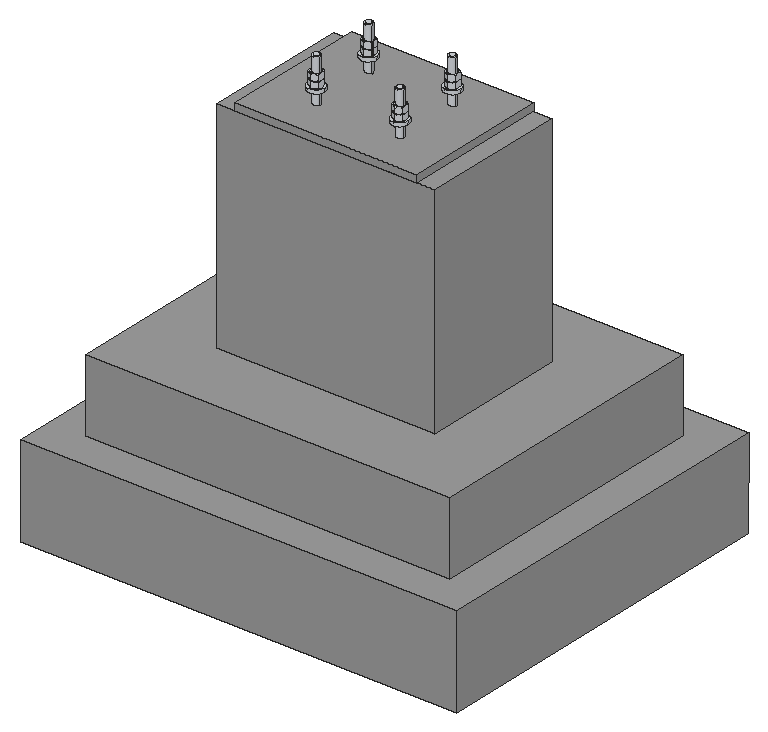
Revit family "ADSK_Фундамент_Монолитный_КолоннаМеталлическая_с_подливкой", category Фундамент несущей конструкции, Revit 2022
Family settings
  Материал для поведения модели = Бетон
  Заглушка = Нет
  На основе рабочей плоскости = Нет
  Всегда вертикально = Да
  При загрузке вырезать с полостями = Нет
  Общий = Нет
Parameters (values of type "Фундамент_2 уступа_Тип 2")
  Ширина = if(1 = 1, Уступ 1_Ширина, Уступ 1_Ширина)  # 1000 mm
  Уступ 3_Ширина = 600 mm
  Уступ 3_Длина = 800 mm
  Уступ 3_Высота = 200 mm
  Уступ 2_Ширина = 800 mm
  Уступ 2_Длина = 1000 mm
  Уступ 2_Высота = 200 mm
  Уступ 1_Ширина = 1000 mm
  Уступ 1_Длина = 1200 mm
  Уступ 1_Высота = 250 mm
  Толщина фундамента = 0 mm  # constant formula
  Толщина подливки [instance] = 20 mm
  Толщина опорной плиты [instance] = 50 mm
  ТВ2 = "Болт фундаментный_Тип 5_ГОСТ 24379.1-2012"  # constant formula
  ТВ1 = "Болт фундаментный_Тип 1_ГОСТ 24379.1-2012"  # constant formula
  Смещение_Уступ 3 = if(or(Расч_Плита_Количество уступов = 1, Расч_Плита_Количество уступов = 2), 0 mm, Уступ 3_Высота)  # 0 mm
  Смещение_Уступ 2 = if(Расч_Плита_Количество уступов = 1, 0 mm, Уступ 2_Высота)  # 200 mm
  Расч_Уступ 3_Ширина = if(or(Расч_Плита_Количество уступов = 1, Расч_Плита_Количество уступов = 2), Расч_Уступ 2_Ширина, Уступ 3_Ширина)  # 800 mm
  Расч_Уступ 3_Длина = if(or(Расч_Плита_Количество уступов = 1, Расч_Плита_Количество уступов = 2), Расч_Уступ 2_Длина, Уступ 3_Длина)  # 1000 mm
  Расч_Уступ 3_Высота = if(or(Расч_Плита_Количество уступов = 1, Расч_Плита_Количество уступов = 2), Расч_Уступ 2_Высота, Уступ 3_Высота)  # 200 mm
  Расч_Уступ 2_Ширина = if(Расч_Плита_Количество уступов = 1, Уступ 1_Ширина, Уступ 2_Ширина)  # 800 mm
  Расч_Уступ 2_Длина = if(Расч_Плита_Количество уступов = 1, Уступ 1_Длина, Уступ 2_Длина)  # 1000 mm
  Расч_Уступ 2_Высота = if(Расч_Плита_Количество уступов = 1, Уступ 1_Высота, Уступ 2_Высота)  # 200 mm
  Расч_Плита_Количество уступов = if(Плита_Количество уступов < 1, 1, if(Плита_Количество уступов > 3, 3, Плита_Количество уступов))  # 2
  Подливка_ширина = 500 mm
  Подливка_Длина = 500 mm
  Подливка = yes
  Подколонник_Ширина = 400 mm
  Подколонник_Длина = 600 mm
  Подколонник_Высота = 600 mm
  Плита_Количество уступов = 2
  Материал подливки = none
  Structural Material = none
  Type Comments = ""
  Длина = if(1 = 1, Уступ 1_Длина, Уступ 1_Длина)  # 1200 mm
  Видимость 1_Болты_Тип 5 [instance] = and(not(Болты_Видимость), Болты_Тип.Исполнение = 5)  # no
  Видимость 1_Болты_Тип 1 [instance] = and(not(Болты_Видимость), or(Болты_Тип.Исполнение = 1.1, Болты_Тип.Исполнение = 1.2))  # yes
  Видимость 2_Болты_Тип 5 [instance] = and(Болты_Видимость, Болты_Тип.Исполнение = 5)  # no
  Видимость 2_Болты_Тип 1 [instance] = and(Болты_Видимость, or(Болты_Тип.Исполнение = 1.1, Болты_Тип.Исполнение = 1.2))  # no
  Болты_Тип.Исполнение [instance] = 1.2
  Болты_Длина [instance] = 600 mm
  Болты_Диаметр [instance] = 20.0 mm
  Болты_Расстояние между по ширине [instance] = 180 mm
  Болты_Расстояние между по длине [instance] = 230 mm
  Болты_Видимость [instance] = Болты_Расстояние между по длине = 0 mm  # no
  ADSK_Размер_Ширина [instance] = 180 mm
  ADSK_Размер_Длина [instance] = 230 mm
  ADSK_Размер_Высота [instance] = 1070 mm
  ADSK_Основной материал элемента = "Бетон"  # constant formula
  ADSK_Наименование = "Фундамент с 2-мя уступами"
  ADSK_Масса элемента = 0.00 kg
  ADSK_Марка метиза [instance] = if(Болты_Тип.Исполнение = 5, size_lookup(ТВ2, "", "Болт не найден", Болты_Диаметр, Болты_Длина), size_lookup(ТВ1, "", "Болт не найден", Болты_Тип.Исполнение, Болты_Диаметр, Болты_Длина))  # "Болт 1.2 М20x600"
  ADSK_Количество позиций [instance] = 4
  ADSK_Длина резьбы метиза [instance] = if(Болты_Тип.Исполнение = 5, size_lookup(ТВ2, "lo", 0 mm, Болты_Диаметр, Болты_Длина), size_lookup(ТВ1, "lo", 0 mm, Болты_Тип.Исполнение, Болты_Диаметр, Болты_Длина))  # 100 mm
  ADSK_Выступ метиза [instance] = 120 mm
  ADSK_Версия семейства = "1.1"  # constant formula
  ADSK_Версия Revit = "2021"  # constant formula
Reference planes
  plane 1 "По центру (Вперед/Назад)": y = 0
  plane 2: z = 0
  plane 3 "По центру (Влево/Вправо)": x = 0
  plane 4: x = -300
  plane 5: x = 300
  plane 6: y = 200
  plane 7: y = -200
  plane 8: z = 250
  plane 9: z = 450
  plane 10 "верх подколонника": z = 1050
  plane 11: x = -500
  plane 12: x = 500
  plane 13: y = 400
  plane 14: y = -400
  plane 15: x = 500
  plane 16: y = 400
  plane 17: x = -500
  plane 18: y = -400
  plane 19: x = -115
  plane 20: x = 115
  plane 21: y = 90
  plane 22: y = -90
  plane 23: x = -600
  plane 24: x = 600
  plane 25: y = 500
  plane 26: y = -500
  plane 27: z = 450
  plane 28: z = 1070
  plane 29: z = 1120
  plane 30: y = 200
  plane 31: y = -200
  plane 32: x = -250
  plane 33: x = 250
Forms (mm)
  Extrusion 1, solid, material <- "Structural Material"
    sketch origin (873.275, -1524, 250) x (0, -1, 0) y (-1, 0, 0)
      loop
        line (-2024, 273.275) -> (-1024, 273.275) -> (-1024, 1473.275) -> (-2024, 1473.275) -> (-2024, 273.275)
    from 0 to 250 <- "Уступ 1_Высота"
  Extrusion 2, solid, material <- "Structural Material"
    sketch origin (632.13, -1524, 450) x (0, -1, 0) y (-1, 0, 0)
      loop
        line (-1924, 132.13) -> (-1124, 132.13) -> (-1124, 1132.13) -> (-1924, 1132.13) -> (-1924, 132.13)
    from 0 to 200 <- "Расч_Уступ 2_Высота"
  Extrusion 3, solid, material <- "Structural Material"
    sketch origin (632.13, -1524, 450) x (0, -1, 0) y (-1, 0, 0)
      loop
        line (-1924, 1132.13) -> (-1924, 132.13) -> (-1124, 132.13) -> (-1124, 1132.13) -> (-1924, 1132.13)
    from 0 to 200 <- "Расч_Уступ 3_Высота"
  Extrusion 4, solid, material <- "Structural Material"
    sketch origin (457.763, -1524, 1050) x (0, -1, 0) y (-1, 0, 0)
      loop
        line (-1724, 757.763) -> (-1724, 157.763) -> (-1324, 157.763) -> (-1324, 757.763) -> (-1724, 757.763)
    from 0 to 600 <- "Подколонник_Высота"
  Extrusion 5, solid, material <- "Материал подливки", visible <- "Подливка"
    sketch origin (457.763, -1524, 1050) x (0, -1, 0) y (-1, 0, 0)
      loop
        line (-1724, 707.763) -> (-1724, 207.763) -> (-1324, 207.763) -> (-1324, 707.763) -> (-1724, 707.763)
    from 0 to -20
Cuts and joins
  joined: Extrusion 1, Extrusion 2, Extrusion 3, Extrusion 4
Dimensions and locks
  "Подколонник_Высота": plane 10 "верх подколонника" to plane 27
  "Болты_Расстояние между по длине": plane 19 to plane 20
  "Болты_Расстояние между по ширине": plane 21 to plane 22
  "Уступ 1_Высота": plane 8 to plane 2
  "Смещение_Уступ 2": plane 9 to plane 8
  "Смещение_Уступ 3": plane 27 to plane 9
  equal spacing: plane 26, plane 1 "По центру (Вперед/Назад)", plane 25
  equal spacing: plane 18, plane 1 "По центру (Вперед/Назад)", plane 16
  equal spacing: plane 13, plane 1 "По центру (Вперед/Назад)", plane 14
  equal spacing: plane 6, plane 1 "По центру (Вперед/Назад)", plane 7
  equal spacing: plane 21, plane 1 "По центру (Вперед/Назад)", plane 22
  equal spacing: plane 19, plane 3 "По центру (Влево/Вправо)", plane 20
  equal spacing: plane 4, plane 3 "По центру (Влево/Вправо)", plane 5
  equal spacing: plane 11, plane 3 "По центру (Влево/Вправо)", plane 12
  equal spacing: plane 17, plane 3 "По центру (Влево/Вправо)", plane 15
  equal spacing: plane 23, plane 3 "По центру (Влево/Вправо)", plane 24
  "Подколонник_Ширина": plane 6 to plane 7
  "Расч_Уступ 3_Ширина": plane 13 to plane 14
  "Расч_Уступ 2_Ширина": plane 18 to plane 16
  "Уступ 1_Ширина": plane 26 to plane 25
  "Подколонник_Длина": plane 4 to plane 5
  "Расч_Уступ 3_Длина": plane 11 to plane 12
  "Расч_Уступ 2_Длина": plane 17 to plane 15
  "Уступ 1_Длина": plane 23 to plane 24
  "Толщина подливки": plane 28 to plane 10 "верх подколонника"
  "Толщина опорной плиты": plane 29 to plane 28
  "ADSK_Размер_Высота": plane 28 to plane 2
  "ADSK_Размер_Ширина": plane 21 to plane 22
  "ADSK_Размер_Длина": plane 19 to plane 20
  equal spacing: plane 31, plane 1 "По центру (Вперед/Назад)", plane 30
  equal spacing: plane 32, plane 3 "По центру (Влево/Вправо)", plane 33
  "Подливка_Длина": plane 32 to plane 33
  "Подколонник_Ширина": plane 30 to plane 31
  aligned and locked: level to plane 2
  aligned and locked: Extrusion 1 sketch curve to plane 25
  aligned and locked: Extrusion 1 sketch curve to plane 24
  aligned and locked: Extrusion 1 sketch curve to plane 26
  aligned and locked: Extrusion 1 sketch curve to plane 23
  aligned and locked: plane 16 to Extrusion 2 sketch curve
  aligned and locked: plane 15 to Extrusion 2 sketch curve
  aligned and locked: plane 18 to Extrusion 2 sketch curve
  aligned and locked: plane 17 to Extrusion 2 sketch curve
  aligned and locked: plane 13 to Extrusion 3 sketch curve
  aligned and locked: plane 12 to Extrusion 3 sketch curve
  aligned and locked: plane 14 to Extrusion 3 sketch curve
  aligned and locked: plane 11 to Extrusion 3 sketch curve
  aligned and locked: plane 6 to Extrusion 4 sketch curve
  aligned and locked: plane 5 to Extrusion 4 sketch curve
  aligned and locked: plane 7 to Extrusion 4 sketch curve
  aligned and locked: plane 4 to Extrusion 4 sketch curve
  aligned and locked: nested 2 to plane 21
  aligned and locked: plane 21 to nested 1
  aligned and locked: plane 22 to nested 4
  aligned and locked: nested 3 to plane 22
  aligned and locked: plane 19 to nested 3
  aligned and locked: plane 20 to nested 4
  aligned and locked: plane 20 to nested 1
  aligned and locked: plane 19 to nested 2
  aligned and locked: nested 5 to plane 21
  aligned and locked: plane 21 to nested 8
  aligned and locked: plane 22 to nested 7
  aligned and locked: nested 6 to plane 22
  aligned and locked: plane 19 to nested 6
  aligned and locked: plane 19 to nested 5
  aligned and locked: plane 20 to nested 8
  aligned and locked: plane 20 to nested 7
  aligned and locked: nested 12 to plane 3 "По центру (Влево/Вправо)"
  aligned and locked: nested 9 to plane 3 "По центру (Влево/Вправо)"
  aligned and locked: plane 3 "По центру (Влево/Вправо)" to nested 11
  aligned and locked: plane 3 "По центру (Влево/Вправо)" to nested 10
  aligned and locked: plane 22 to nested 11
  aligned and locked: plane 22 to nested 10
  aligned and locked: nested 12 to plane 21
  aligned and locked: nested 9 to plane 21
  aligned and locked: plane 30 to Extrusion 5 sketch curve
  aligned and locked: Extrusion 5 sketch curve to plane 32
  aligned and locked: plane 31 to Extrusion 5 sketch curve
  aligned and locked: Extrusion 5 sketch curve to plane 33
  aligned and locked: plane 10 "верх подколонника" to Extrusion 5
  aligned and locked: Extrusion 5 to plane 28
Nested families
  nested 1: "ADSK_БолтФундаментный_Тип 5_ГОСТ 24379.1-2012" at (115, 90, 1070), d <- "Болты_Диаметр", L <- "Болты_Длина", visible <- "Видимость 1_Болты_Тип 5", ADSK_Выступ метиза <- "ADSK_Выступ метиза", type "ADSK_БолтФундаментный_Тип 5_ГОСТ 24379.1-2012"
    with Расч_d 20.0 mm, Расч_L 600 mm, lo 100 mm, d 20.0 mm, L 600 mm, ADSK_Наименование краткое "М20x600", ADSK_Наименование "Болт 5 М20x600", ADSK_Материал none, ADSK_Масса элемента 1.68 kg, ADSK_Выступ метиза 120 mm
  nested 2: "ADSK_БолтФундаментный_Тип 5_ГОСТ 24379.1-2012" at (-115, 90, 1070) x (-1, 0, 0) z (0, 0, 1), d <- "Болты_Диаметр", L <- "Болты_Длина", visible <- "Видимость 1_Болты_Тип 5", ADSK_Выступ метиза <- "ADSK_Выступ метиза", type "ADSK_БолтФундаментный_Тип 5_ГОСТ 24379.1-2012"
    with Расч_d 20.0 mm, Расч_L 600 mm, lo 100 mm, d 20.0 mm, L 600 mm, ADSK_Наименование краткое "М20x600", ADSK_Наименование "Болт 5 М20x600", ADSK_Материал none, ADSK_Масса элемента 1.68 kg, ADSK_Выступ метиза 120 mm
  nested 3: "ADSK_БолтФундаментный_Тип 5_ГОСТ 24379.1-2012" at (-115, -90, 1070) x (-1, 0, 0) z (0, 0, 1), d <- "Болты_Диаметр", L <- "Болты_Длина", visible <- "Видимость 1_Болты_Тип 5", ADSK_Выступ метиза <- "ADSK_Выступ метиза", type "ADSK_БолтФундаментный_Тип 5_ГОСТ 24379.1-2012"
    with Расч_d 20.0 mm, Расч_L 600 mm, lo 100 mm, d 20.0 mm, L 600 mm, ADSK_Наименование краткое "М20x600", ADSK_Наименование "Болт 5 М20x600", ADSK_Материал none, ADSK_Масса элемента 1.68 kg, ADSK_Выступ метиза 120 mm
  nested 4: "ADSK_БолтФундаментный_Тип 5_ГОСТ 24379.1-2012" at (115, -90, 1070), d <- "Болты_Диаметр", L <- "Болты_Длина", visible <- "Видимость 1_Болты_Тип 5", ADSK_Выступ метиза <- "ADSK_Выступ метиза", type "ADSK_БолтФундаментный_Тип 5_ГОСТ 24379.1-2012"
    with Расч_d 20.0 mm, Расч_L 600 mm, lo 100 mm, d 20.0 mm, L 600 mm, ADSK_Наименование краткое "М20x600", ADSK_Наименование "Болт 5 М20x600", ADSK_Материал none, ADSK_Масса элемента 1.68 kg, ADSK_Выступ метиза 120 mm
  nested 5: "ADSK_БолтФундаментный_Тип 1_ГОСТ 24379.1-2012" at (-115, 90, 1070) x (-1, 0, 0) z (0, 0, 1), d <- "Болты_Диаметр", L <- "Болты_Длина", Тип.Исполнение <- "Болты_Тип.Исполнение", visible <- "Видимость 1_Болты_Тип 1", ADSK_Выступ метиза <- "ADSK_Выступ метиза", type "ADSK_БолтФундаментный_Тип 1_ГОСТ 24379.1-2012"
    with Тип.Исполнение 1.2, Расч_r 20 mm, Расч_d 20.0 mm, Расч_R 30 mm, Расч_L 600 mm, Видимость_Исполнение 2 yes, Видимость_Исполнение 1 no, r 10 mm, lo 100 mm, l3 40 mm, l2 80 mm, l1 160 mm, l 60 mm, d 20.0 mm, R 20 mm, L 600 mm, ADSK_Наименование краткое "М20x600", ADSK_Наименование "Болт 1.2 М20x600", ADSK_Материал none, ADSK_Масса элемента 1.81 kg, ADSK_Выступ метиза 120 mm
  nested 6: "ADSK_БолтФундаментный_Тип 1_ГОСТ 24379.1-2012" at (-115, -90, 1070) x (-1, 0, 0) z (0, 0, 1), d <- "Болты_Диаметр", L <- "Болты_Длина", Тип.Исполнение <- "Болты_Тип.Исполнение", visible <- "Видимость 1_Болты_Тип 1", ADSK_Выступ метиза <- "ADSK_Выступ метиза", type "ADSK_БолтФундаментный_Тип 1_ГОСТ 24379.1-2012"
    with Тип.Исполнение 1.2, Расч_r 20 mm, Расч_d 20.0 mm, Расч_R 30 mm, Расч_L 600 mm, Видимость_Исполнение 2 yes, Видимость_Исполнение 1 no, r 10 mm, lo 100 mm, l3 40 mm, l2 80 mm, l1 160 mm, l 60 mm, d 20.0 mm, R 20 mm, L 600 mm, ADSK_Наименование краткое "М20x600", ADSK_Наименование "Болт 1.2 М20x600", ADSK_Материал none, ADSK_Масса элемента 1.81 kg, ADSK_Выступ метиза 120 mm
  nested 7: "ADSK_БолтФундаментный_Тип 1_ГОСТ 24379.1-2012" at (115, -90, 1070), d <- "Болты_Диаметр", L <- "Болты_Длина", Тип.Исполнение <- "Болты_Тип.Исполнение", visible <- "Видимость 1_Болты_Тип 1", ADSK_Выступ метиза <- "ADSK_Выступ метиза", type "ADSK_БолтФундаментный_Тип 1_ГОСТ 24379.1-2012"
    with Тип.Исполнение 1.2, Расч_r 20 mm, Расч_d 20.0 mm, Расч_R 30 mm, Расч_L 600 mm, Видимость_Исполнение 2 yes, Видимость_Исполнение 1 no, r 10 mm, lo 100 mm, l3 40 mm, l2 80 mm, l1 160 mm, l 60 mm, d 20.0 mm, R 20 mm, L 600 mm, ADSK_Наименование краткое "М20x600", ADSK_Наименование "Болт 1.2 М20x600", ADSK_Материал none, ADSK_Масса элемента 1.81 kg, ADSK_Выступ метиза 120 mm
  nested 8: "ADSK_БолтФундаментный_Тип 1_ГОСТ 24379.1-2012" at (115, 90, 1070), d <- "Болты_Диаметр", L <- "Болты_Длина", Тип.Исполнение <- "Болты_Тип.Исполнение", visible <- "Видимость 1_Болты_Тип 1", ADSK_Выступ метиза <- "ADSK_Выступ метиза", type "ADSK_БолтФундаментный_Тип 1_ГОСТ 24379.1-2012"
    with Тип.Исполнение 1.2, Расч_r 20 mm, Расч_d 20.0 mm, Расч_R 30 mm, Расч_L 600 mm, Видимость_Исполнение 2 yes, Видимость_Исполнение 1 no, r 10 mm, lo 100 mm, l3 40 mm, l2 80 mm, l1 160 mm, l 60 mm, d 20.0 mm, R 20 mm, L 600 mm, ADSK_Наименование краткое "М20x600", ADSK_Наименование "Болт 1.2 М20x600", ADSK_Материал none, ADSK_Масса элемента 1.81 kg, ADSK_Выступ метиза 120 mm
  nested 9: "ADSK_БолтФундаментный_Тип 5_ГОСТ 24379.1-2012" at (0, 90, 1070) x (0, 1, 0) z (0, 0, 1), d <- "Болты_Диаметр", L <- "Болты_Длина", visible <- "Видимость 2_Болты_Тип 5", ADSK_Выступ метиза <- "ADSK_Выступ метиза", type "ADSK_БолтФундаментный_Тип 5_ГОСТ 24379.1-2012"
    with Расч_d 20.0 mm, Расч_L 600 mm, lo 100 mm, d 20.0 mm, L 600 mm, ADSK_Наименование краткое "М20x600", ADSK_Наименование "Болт 5 М20x600", ADSK_Материал none, ADSK_Масса элемента 1.68 kg, ADSK_Выступ метиза 120 mm
  nested 10: "ADSK_БолтФундаментный_Тип 5_ГОСТ 24379.1-2012" at (0, -90, 1070) x (0, -1, 0) z (0, 0, 1), d <- "Болты_Диаметр", L <- "Болты_Длина", visible <- "Видимость 2_Болты_Тип 5", ADSK_Выступ метиза <- "ADSK_Выступ метиза", type "ADSK_БолтФундаментный_Тип 5_ГОСТ 24379.1-2012"
    with Расч_d 20.0 mm, Расч_L 600 mm, lo 100 mm, d 20.0 mm, L 600 mm, ADSK_Наименование краткое "М20x600", ADSK_Наименование "Болт 5 М20x600", ADSK_Материал none, ADSK_Масса элемента 1.68 kg, ADSK_Выступ метиза 120 mm
  nested 11: "ADSK_БолтФундаментный_Тип 1_ГОСТ 24379.1-2012" at (0, -90, 1070) x (0, -1, 0) z (0, 0, 1), d <- "Болты_Диаметр", L <- "Болты_Длина", Тип.Исполнение <- "Болты_Тип.Исполнение", visible <- "Видимость 2_Болты_Тип 1", ADSK_Выступ метиза <- "ADSK_Выступ метиза", type "ADSK_БолтФундаментный_Тип 1_ГОСТ 24379.1-2012"
    with Тип.Исполнение 1.2, Расч_r 20 mm, Расч_d 20.0 mm, Расч_R 30 mm, Расч_L 600 mm, Видимость_Исполнение 2 yes, Видимость_Исполнение 1 no, r 10 mm, lo 100 mm, l3 40 mm, l2 80 mm, l1 160 mm, l 60 mm, d 20.0 mm, R 20 mm, L 600 mm, ADSK_Наименование краткое "М20x600", ADSK_Наименование "Болт 1.2 М20x600", ADSK_Материал none, ADSK_Масса элемента 1.81 kg, ADSK_Выступ метиза 120 mm
  nested 12: "ADSK_БолтФундаментный_Тип 1_ГОСТ 24379.1-2012" at (0, 90, 1070) x (0, 1, 0) z (0, 0, 1), d <- "Болты_Диаметр", L <- "Болты_Длина", Тип.Исполнение <- "Болты_Тип.Исполнение", visible <- "Видимость 2_Болты_Тип 1", ADSK_Выступ метиза <- "ADSK_Выступ метиза", type "ADSK_БолтФундаментный_Тип 1_ГОСТ 24379.1-2012"
    with Тип.Исполнение 1.2, Расч_r 20 mm, Расч_d 20.0 mm, Расч_R 30 mm, Расч_L 600 mm, Видимость_Исполнение 2 yes, Видимость_Исполнение 1 no, r 10 mm, lo 100 mm, l3 40 mm, l2 80 mm, l1 160 mm, l 60 mm, d 20.0 mm, R 20 mm, L 600 mm, ADSK_Наименование краткое "М20x600", ADSK_Наименование "Болт 1.2 М20x600", ADSK_Материал none, ADSK_Масса элемента 1.81 kg, ADSK_Выступ метиза 120 mm
Definition of nested family "ADSK_БолтФундаментный_Тип 5_ГОСТ 24379.1-2012"
  Parameters (values of type "ADSK_БолтФундаментный_Тип 5_ГОСТ 24379.1-2012")
    ТВ = "Болт фундаментный_Тип 5_ГОСТ 24379.1-2012"  # constant formula
    Расч_d [instance] = if(ADSK_Масса элемента = 0.00 kg, 12.0 mm, d)  # 12.0 mm
    Расч_L [instance] = if(ADSK_Масса элемента = 0.00 kg, 150 mm, L)  # 300 mm
    Default Elevation = 1219.2 mm
    Type Comments = ""
    ADSK_Масса элемента [instance] = size_lookup(ТВ, "ADSK_Масса элемента", 0.00 kg, d, L)  # 0.32 kg
    lo [instance] = size_lookup(ТВ, "lo", 80 mm, d, L)  # 80 mm
    L [instance] = 300 mm
    Model = ""
    d [instance] = 12.0 mm
    ADSK_Обозначение = "ГОСТ 24379.1-2012"  # constant formula
    ADSK_Наименование краткое [instance] = size_lookup(ТВ, "ADSK_Наименование краткое", "Болт не найден", d, L)  # "М12x300"
    ADSK_Наименование [instance] = size_lookup(ТВ, "", "Болт не найден", d, L)  # "Болт 5 М12x300"
    ADSK_Материал [instance] = none
    ADSK_Выступ метиза [instance] = 100 mm
    ADSK_Версия семейства = "1.0"  # constant formula
    ADSK_Версия Revit = "2021"  # constant formula
  Reference planes
    plane 1 "По центру (Вперед/Назад)": y = 0
    plane 2: z = 0
    plane 3 "По центру (Влево/Вправо)": x = 0
    plane 4: z = -200
    plane 5: z = 100
    plane 6: x = -6
    plane 7: x = 6
    plane 8: y = 6
    plane 9: y = -6
    plane 10: z = 20
    plane 11: z = 35
  Forms (mm)
    Sweep 1, solid, material <- "ADSK_Материал"
      path origin (0, 0, 0) x (-1, 0, 0) y (0, 0, 1)
        loop
          line (0, -200) -> (0, 100)
      profile origin (0, 0, -50) x (1, 0, 0) y (0, 1, 0)
        loop
          circle (0, 0) r 6
    Revolve 2, void
      sketch origin (0, 0, 0) x (-1, 0, 0) y (0, 0, 1)
        loop
          line (6, 100) -> (4.5, 100) -> (6, 98.5) -> (6, 100)
        axis (0, 98.5) -> (0, 100)
      angle from 0 to 360
  Cuts and joins
    Revolve 2 cuts Sweep 1
  Lines and regions (mm)
    symbolic lines
      curve 1: line (-4.5, 0, 100) -> (-4.5, 0, 20)
      curve 4: line (4.5, 0, 100) -> (4.5, 0, 20)
      curve 5: line (6, 0, 20) -> (-6, 0, 20)
      curve 8: line (0, 4.5, 100) -> (0, 4.5, 20)
      curve 9: line (0, -4.5, 100) -> (0, -4.5, 20)
      curve 10: line (0, 6, 20) -> (0, -6, 20)
    reference lines
      curve 2: line (-4.5, 0, 100) -> (-4.5, 0, 0)
      curve 3: line (4.5, 0, 0) -> (4.5, 0, 100)
      curve 6: line (0, 4.5, 100) -> (0, 4.5, 0)
      curve 7: line (0, -4.5, 100) -> (0, -4.5, 0)
  Dimensions and locks
    equal spacing: plane 8, plane 1 "По центру (Вперед/Назад)", plane 9
    equal spacing: plane 6, plane 3 "По центру (Влево/Вправо)", plane 7
    "d": plane 8 to plane 9
    "d": plane 6 to plane 7
    "Расч_L": plane 5 to plane 4
    locked: curve 2 to plane 6 at 1.5
    locked: plane 7 to curve 3 at 1.5
    locked: plane 8 to curve 6 at 1.5
    locked: curve 7 to plane 9 at 1.5
    "lo": plane 5 to plane 10
    "ADSK_Выступ метиза": plane 5 to plane 2
    locked: plane 11 to plane 10 at 15
    "Расч_d": diameter of Sweep 1 sketch curve
    aligned and locked: level to plane 2
    aligned and locked: plane 5 to Sweep 1 sketch curve
    aligned and locked: profile plane to Sweep 1 sketch curve  (x2)
    aligned and locked: Revolve 2 sketch curve to plane 3 "По центру (Влево/Вправо)"
    aligned and locked: plane 5 to Revolve 2 sketch curve
    aligned and locked: plane 6 to Revolve 2 sketch curve
    aligned and locked: plane 5 to curve 1
    aligned and locked: plane 5 to curve 2
    aligned and locked: plane 5 to curve 3
    aligned and locked: plane 2 to curve 2
    aligned and locked: plane 2 to curve 3
    aligned and locked: curve 1 to curve 2
    aligned and locked: Revolve 2 sketch curve to curve 2
    aligned and locked: plane 5 to curve 4
    aligned and locked: curve 4 to curve 3
    aligned and locked: plane 7 to curve 5
    aligned and locked: plane 6 to curve 5
    aligned and locked: plane 5 to curve 6
    aligned and locked: plane 5 to curve 7
    aligned and locked: plane 2 to curve 7
    aligned and locked: plane 2 to curve 6
    aligned and locked: plane 5 to curve 8
    aligned and locked: plane 5 to curve 9
    aligned and locked: curve 9 to curve 7
    aligned and locked: curve 8 to curve 6
    aligned and locked: plane 9 to curve 10
    aligned and locked: plane 8 to curve 10
    aligned and locked: plane 10 to curve 5
    aligned and locked: curve 10 to plane 10
    aligned and locked: plane 3 "По центру (Влево/Вправо)" to nested 1
    aligned and locked: plane 1 "По центру (Вперед/Назад)" to nested 1
    aligned and locked: plane 1 "По центру (Вперед/Назад)" to nested 2
    aligned and locked: plane 3 "По центру (Влево/Вправо)" to nested 2
    aligned and locked: nested 3 to plane 3 "По центру (Влево/Вправо)"
    aligned and locked: nested 3 to plane 1 "По центру (Вперед/Назад)"
    aligned and locked: plane 4 to Sweep 1 sketch curve
  Automatic sketch dimensions
    Revolve 2 sketch curve to plane 5 = 1.5 mm
    plane 5 to Revolve 2 sketch curve = 217.532 mm
    plane 3 "По центру (Влево/Вправо)" to Sweep 1 sketch curve = 0 mm
    Revolve 2 sketch curve to plane 4 = 87.468 mm
  Nested families
    nested 1: "ADSK_Шайба_ГОСТ 24379.1-2012" at (0, 0, 35), ADSK_Материал <- "ADSK_Материал", d <- "Расч_d", type "ADSK_Шайба_ГОСТ 24379.1-2012"
      with Расч_d 12.0 mm, ADSK_Масса элемента 0.021 kg, s 3 mm, do 13.0 mm, d 12.0 mm, D 36.0 mm, ADSK_Наименование краткое "М12", ADSK_Наименование "Шайба М12", ADSK_Материал none
    nested 2: "ADSK_Гайка_ГОСТ 5915-70" at (0, 0, 38), d <- "Расч_d", ADSK_Материал <- "ADSK_Материал", type "Гайка_Исполнение1_Крупный шаг резьбы"
      with Расч_hw 0.6 mm, Расч_d 12.0 mm, ADSK_Масса элемента 0.01567 kg, Исполнение3_Видимость no, Исполнение2_Видимость no, Исполнение1_Видимость yes, x 10.392 mm, r 15 mm, m 10.8 mm, hw 0.6 mm, e 20.785 mm, dw 16.5 mm, da 13.0 mm, d 12.0 mm, S 18.0 mm, ADSK_Наименование краткое "М12", ADSK_Наименование "Гайка М12 (S18)", ADSK_Материал none
    nested 3: "ADSK_Гайка_ГОСТ 5915-70" at (0, 0, 48.8) x (-1, 0, 0) z (0, 0, 1), ADSK_Материал <- "ADSK_Материал", d <- "Расч_d", type "Гайка_Исполнение1_Крупный шаг резьбы"
      with Расч_hw 0.6 mm, Расч_d 12.0 mm, ADSK_Масса элемента 0.01567 kg, Исполнение3_Видимость no, Исполнение2_Видимость no, Исполнение1_Видимость yes, x 10.392 mm, r 15 mm, m 10.8 mm, hw 0.6 mm, e 20.785 mm, dw 16.5 mm, da 13.0 mm, d 12.0 mm, S 18.0 mm, ADSK_Наименование краткое "М12", ADSK_Наименование "Гайка М12 (S18)", ADSK_Материал none
  Definition of nested family "ADSK_Шайба_ГОСТ 24379.1-2012"
    Parameters (values of type "ADSK_Шайба_ГОСТ 24379.1-2012")
      ТВ = "Шайба_ГОСТ 24379.1-2012"  # constant formula
      Расч_d [instance] = if(ADSK_Масса элемента = 0.00 kg, 12.0 mm, d)  # 12.0 mm
      Default Elevation = 1219.2 mm
      ADSK_Масса элемента [instance] = size_lookup(ТВ, "ADSK_Масса элемента", 0.00 kg, d)  # 0.021 kg
      s [instance] = size_lookup(ТВ, "s", 3 mm, d)  # 3 mm
      Model = ""
      D [instance] = size_lookup(ТВ, "D", 36.0 mm, d)  # 36.0 mm
      do [instance] = size_lookup(ТВ, "do", 13.0 mm, d)  # 13.0 mm
      d [instance] = 12.0 mm
      ADSK_Обозначение = "ГОСТ 24379.1-2012"  # constant formula
      ADSK_Наименование краткое [instance] = size_lookup(ТВ, "ADSK_Наименование краткое", "Шайба не найдена", d)  # "М12"
      ADSK_Наименование [instance] = size_lookup(ТВ, "", "Шайба не найдена", d)  # "Шайба М12"
      ADSK_Материал [instance] = none
      ADSK_Версия семейства = "1.0"  # constant formula
      ADSK_Версия Revit = "2021"  # constant formula
    Reference planes
      plane 1 "По центру (Вперед/Назад)": y = 0
      plane 2: z = 0
      plane 3 "По центру (Влево/Вправо)": x = 0
      plane 4: z = 3
      plane 5: x = -18
      plane 6: x = 18
      plane 7: y = 18
      plane 8: y = -18
      plane 9: x = -6.5
      plane 10: x = 6.5
      plane 11: y = 6.5
      plane 12: y = -6.5
    Forms (mm)
      Sweep 1, solid, material <- "ADSK_Материал", detail levels fine
        path origin (0, 0, 0) x (-1, 0, 0) y (0, 0, 1)
          loop
            line (0, 0) -> (0, 3)
        profile origin (0, 0, 1.5) x (1, 0, 0) y (0, 1, 0)
          loop
            circle (0, 0) r 18
          loop
            circle (0, 0) r 6.5
    Dimensions and locks
      "s": plane 4 to plane 2
      equal spacing: plane 7, plane 1 "По центру (Вперед/Назад)", plane 8
      equal spacing: plane 5, plane 3 "По центру (Влево/Вправо)", plane 6
      "D": plane 7 to plane 8
      "D": plane 5 to plane 6
      equal spacing: plane 11, plane 1 "По центру (Вперед/Назад)", plane 12
      equal spacing: plane 9, plane 3 "По центру (Влево/Вправо)", plane 10
      "do": plane 11 to plane 12
      "do": plane 9 to plane 10
      "D": diameter of Sweep 1 sketch curve
      "do": diameter of Sweep 1 sketch curve
      aligned and locked: level to plane 2
      aligned and locked: Sweep 1 sketch curve to plane 3 "По центру (Влево/Вправо)"
      aligned and locked: plane 4 to Sweep 1 sketch curve
      aligned and locked: profile plane to Sweep 1 sketch curve  (x4)
      aligned and locked: plane 2 to Sweep 1 sketch curve
  Definition of nested family "ADSK_Гайка_ГОСТ 5915-70"
    Parameters (values of type "Гайка_Исполнение 1_Крупный шаг резьбы")
      Шаг резьбы = 1
      ТВ = "Гайка_ГОСТ 5915-70"  # constant formula
      Расч_hw [instance] = if(Исполнение = 2, 0 mm, hw)  # 0.6 mm
      Расч_d [instance] = if(ADSK_Масса элемента = 0.00 kg, 5.0 mm, d)  # 12.0 mm
      Default Elevation = 1219.2 mm
      Исполнение3_Видимость [instance] = Исполнение = 3  # no
      Исполнение2_Видимость [instance] = or(Исполнение = 2, Исполнение = 3)  # no
      Исполнение1_Видимость [instance] = Исполнение = 1  # yes
      Исполнение = 1
      ADSK_Масса элемента [instance] = size_lookup(ТВ, "ADSK_Масса элемента", 0.00 kg, d, Исполнение, Шаг резьбы)  # 0.01567 kg
      x [instance] = e / 2  # 10.392 mm
      r [instance] = if(ADSK_Масса элемента = 0.00 kg, sqrt(S ^ 2 / 4 + 5 mm ^ 2), sqrt(S ^ 2 / 4 + d ^ 2))  # 15 mm
      m [instance] = size_lookup(ТВ, "m", 4.7 mm, d, Исполнение, Шаг резьбы)  # 10.8 mm
      Model = ""
      hw [instance] = size_lookup(ТВ, "hw", 0.8 mm, d, Исполнение, Шаг резьбы)  # 0.6 mm
      e [instance] = S / cos(30.00°)  # 20.785 mm
      dw [instance] = size_lookup(ТВ, "dw", 7.2 mm, d, Исполнение, Шаг резьбы)  # 16.5 mm
      da [instance] = size_lookup(ТВ, "da", 5.7 mm, d, Исполнение, Шаг резьбы)  # 13.0 mm
      S [instance] = size_lookup(ТВ, "S", 8.0 mm, d, Исполнение, Шаг резьбы)  # 18.0 mm
      d [instance] = 12.0 mm
      ADSK_Обозначение = "ГОСТ 5915-70"  # constant formula
      ADSK_Наименование краткое [instance] = size_lookup(ТВ, "ADSK_Наименование краткое", "Гайка не найдена", d, Исполнение, Шаг резьбы)  # "М12"
      ADSK_Наименование [instance] = size_lookup(ТВ, "", "Гайка не найдена", d, Исполнение, Шаг резьбы)  # "Гайка М12 (S18)"
      ADSK_Материал [instance] = none
      ADSK_Версия семейства = "1.0"  # constant formula
      ADSK_Версия Revit = "2021"  # constant formula
    Types (6, lengths in mm): name | Шаг резьбы | Расч_hw | Исполнение3_Видимость | Исполнение2_Видимость | Исполнение1_Видимость | Исполнение | ADSK_Наименование краткое | ADSK_Наименование
      Гайка_Исполнение 1_Крупный шаг резьбы | 1 | 0.6 | no | no | yes | 1 | "М12" | "Гайка М12 (S18)"
      Гайка_Исполнение 1_Мелкий шаг резьбы | 2 | 0.6 | no | no | yes | 1 | "М12x1.25" | "Гайка М12x1.25 (S18)"
      Гайка_Исполнение 2_Крупный шаг резьбы | 1 | 0 | no | yes | no | 2 | "2М12" | "Гайка 2М12 (S18)"
      Гайка_Исполнение 3_Крупный шаг резьбы | 1 | 0.6 | yes | yes | no | 3 | "3М12" | "Гайка 3М12 (S18)"
      Гайка_Исполнение 2_Мелкий шаг резьбы | 2 | 0 | no | yes | no | 2 | "2М12x1.25" | "Гайка 2М12x1.25 (S18)"
      Гайка_Исполнение 3_Мелкий шаг резьбы | 2 | 0.6 | yes | yes | no | 3 | "3М12x1.25" | "Гайка 3М12x1.25 (S18)"
    Reference planes
      plane 1 "По центру (Вперед/Назад)": y = 0
      plane 2: z = 0
      plane 3 "По центру (Влево/Вправо)": x = 0
      plane 4: z = 10.8
      plane 5: x = -9
      plane 6: x = 9
      plane 7: y = 10.392
      plane 8: y = -10.392
      plane 9: x = -6
      plane 10: x = 6
      plane 11: y = 6
      plane 12: y = -6
      plane 13: y = 5.196
      plane 14: y = -5.196
      plane 15: z = -1.2
      plane 16: z = 12
      plane 17: y = 11.892
      plane 18: z = 0.8
      plane 19: z = 0.6
    Forms (mm)
      Sweep 1, solid, material <- "ADSK_Материал", visible <- "Исполнение1_Видимость", detail levels fine
        path origin (0, 0, 0) x (-1, 0, 0) y (0, 0, 1)
          loop
            line (0, 0) -> (0, 10.8)
        profile origin (0, 0, 5.4) x (1, 0, 0) y (0, 1, 0)
          loop
            circle (0, 0) r 6
          loop
            line (0, 10.392) -> (-9, 5.196) -> (-9, -5.196) -> (0, -10.392) -> (9, -5.196) -> (9, 5.196) -> (0, 10.392)
      Revolve 2, void
        sketch origin (0, 0, 0) x (0, 1, 0) y (0, 0, -1)
          loop
            line (11.892, -11.287) -> (11.892, -7.942)
            arc (11.892, -7.942) -> (10.239, -9.762) -> (8.311, -11.287) r 15
            line (8.311, -11.287) -> (11.892, -11.287)
          axis (0, -7.942) -> (0, -11.287)
        angle from 0 to 360
      Revolve 3, void
        sketch origin (0, 0, 5.865) x (0, 1, 0) y (0, 0, 1)
          loop
            line (8.604, -6.152) -> (11.892, -6.152) -> (11.892, -3.007)
            arc (11.892, -3.007) -> (10.368, -4.705) -> (8.604, -6.152) r 15
          axis (0, -3.007) -> (0, -6.152)
        angle from 0 to 360
      Sweep 4, solid, material <- "ADSK_Материал", visible <- "Исполнение2_Видимость", detail levels fine
        path origin (0, 0, 0) x (-1, 0, 0) y (0, 0, 1)
          loop
            line (0, 0.6) -> (0, 10.8)
        profile origin (0, 0, 5.7) x (1, 0, 0) y (0, 1, 0)
          loop
            circle (0, 0) r 6
          loop
            line (0, 10.392) -> (-9, 5.196) -> (-9, -5.196) -> (0, -10.392) -> (9, -5.196) -> (9, 5.196) -> (0, 10.392)
      Sweep 5, solid, material <- "ADSK_Материал", visible <- "Исполнение3_Видимость", detail levels fine
        path origin (0, 0, 0) x (-1, 0, 0) y (0, 0, 1)
          loop
            line (0, 0) -> (0, 0.8)
        profile origin (0, 0, 0.4) x (1, 0, 0) y (0, 1, 0)
          loop
            circle (0, 0) r 6
          loop
            circle (0, 0) r 8.25
    Cuts and joins
      Revolve 2, Revolve 3 cuts Sweep 1
      Revolve 2 cuts Sweep 4
    Dimensions and locks
      "m": plane 4 to plane 2
      equal spacing: plane 7, plane 1 "По центру (Вперед/Назад)", plane 8
      equal spacing: plane 5, plane 3 "По центру (Влево/Вправо)", plane 6
      "e": plane 7 to plane 8
      "S": plane 5 to plane 6
      equal spacing: plane 11, plane 1 "По центру (Вперед/Назад)", plane 12
      equal spacing: plane 9, plane 3 "По центру (Влево/Вправо)", plane 10
      "Расч_d": plane 11 to plane 12
      "d": plane 9 to plane 10
      equal spacing: plane 13, plane 1 "По центру (Вперед/Назад)", plane 14
      "x": plane 13 to plane 14
      "Расч_d": plane 4 to plane 15
      "Расч_d": plane 16 to plane 2
      locked: plane 17 to plane 7 at 1.5
      locked: plane 18 to plane 2 at 0.8
      "Расч_hw": plane 19 to plane 2
      "Расч_d": diameter of Sweep 1 sketch curve
      "r": radius of Revolve 2 sketch curve
      "r": radius of Revolve 3 sketch curve
      "Расч_d": diameter of Sweep 4 sketch curve
      "Расч_d": diameter of Sweep 5 sketch curve
      "dw": diameter of Sweep 5 sketch curve
      aligned and locked: level to plane 2
      aligned and locked: Sweep 1 sketch curve to plane 3 "По центру (Влево/Вправо)"
      aligned and locked: plane 4 to Sweep 1 sketch curve
      aligned and locked: plane 2 to Sweep 1 sketch curve
      aligned and locked: profile plane to Sweep 1 sketch curve  (x2)
      aligned and locked: plane 7 to Sweep 1 sketch curve
      aligned and locked: plane 8 to Sweep 1 sketch curve
      aligned and locked: Sweep 1 sketch curve to plane 5
      aligned and locked: plane 6 to Sweep 1 sketch curve
      aligned and locked: plane 13 to Sweep 1 sketch curve  (x2)
      aligned and locked: plane 14 to Sweep 1 sketch curve  (x2)
      aligned and locked: Revolve 2 sketch curve to plane 1 "По центру (Вперед/Назад)"
      aligned and locked: plane 1 "По центру (Вперед/Назад)" to Revolve 2 sketch curve
      aligned and locked: plane 15 to Revolve 2 sketch curve
      aligned and locked: Revolve 3 sketch curve to plane 16
      aligned and locked: plane 1 "По центру (Вперед/Назад)" to Revolve 3 sketch curve
      aligned and locked: profile plane to Sweep 4 sketch curve  (x2)
      aligned and locked: Sweep 4 sketch curve to plane 5
      aligned and locked: plane 6 to Sweep 4 sketch curve
      aligned and locked: plane 7 to Sweep 4 sketch curve
      aligned and locked: plane 8 to Sweep 4 sketch curve
      aligned and locked: plane 13 to Sweep 4 sketch curve  (x2)
      aligned and locked: plane 14 to Sweep 4 sketch curve  (x2)
      aligned and locked: profile plane to Sweep 5 sketch curve  (x4)
      aligned and locked: plane 3 "По центру (Влево/Вправо)" to Sweep 5 sketch curve
      aligned and locked: plane 17 to Revolve 2 sketch curve
      aligned and locked: plane 17 to Revolve 3 sketch curve
      aligned and locked: plane 18 to Sweep 5 sketch curve
      aligned and locked: plane 19 to Sweep 4 sketch curve
      aligned and locked: plane 2 to Sweep 5 sketch curve
    Automatic sketch dimensions
      plane 3 "По центру (Влево/Вправо)" to Sweep 4 sketch curve = 0 mm
      Sweep 4 sketch curve to plane 4 = 0 mm
      Sweep 1 sketch curve to profile plane = 0 mm  (x2)
      plane 4 to Revolve 2 sketch curve = 0.487 mm
      Revolve 2 sketch curve to Revolve 2 sketch curve = 513.705 mm
      Revolve 2 sketch curve to plane 15 = 2739.49 mm
      Revolve 3 sketch curve to plane 1 "По центру (Вперед/Назад)" = 0 mm
      plane 16 to Revolve 3 sketch curve = 2740.274 mm
      Sweep 4 sketch curve to profile plane = 0 mm  (x2)
      level to Revolve 3 sketch curve = 0.287 mm
      Revolve 3 sketch curve to Revolve 3 sketch curve = 512.921 mm
Definition of nested family "ADSK_БолтФундаментный_Тип 1_ГОСТ 24379.1-2012"
  Parameters (values of type "ADSK_БолтФундаментный_Тип 1_ГОСТ 24379.1-2012")
    ТВ = "Болт фундаментный_Тип 1_ГОСТ 24379.1-2012"  # constant formula
    Расч_r [instance] = r + d / 2  # 14 mm
    Расч_R [instance] = R + d / 2  # 18 mm
    Расч_d [instance] = if(ADSK_Масса элемента = 0.00 kg, 12.0 mm, d)  # 12.0 mm
    Расч_L [instance] = if(ADSK_Масса элемента = 0.00 kg, 300 mm, L)  # 300 mm
    Default Elevation = 1219.2 mm
    Type Comments = ""
    Тип.Исполнение [instance] = 1.1
    ADSK_Масса элемента [instance] = size_lookup(ТВ, "ADSK_Масса элемента", 0.00 kg, Тип.Исполнение, d, L)  # 0.35 kg
    Видимость_Исполнение 2 [instance] = Тип.Исполнение = 1.2  # no
    Видимость_Исполнение 1 [instance] = not(Видимость_Исполнение 2)  # yes
    r [instance] = size_lookup(ТВ, "r", 8 mm, Тип.Исполнение, d, L)  # 8 mm
    l3 [instance] = size_lookup(ТВ, "l3", 25 mm, Тип.Исполнение, d, L)  # 25 mm
    l2 [instance] = size_lookup(ТВ, "l2", 50 mm, Тип.Исполнение, d, L)  # 50 mm
    l1 [instance] = size_lookup(ТВ, "l1", 100 mm, Тип.Исполнение, d, L)  # 100 mm
    l [instance] = size_lookup(ТВ, "l", 40 mm, Тип.Исполнение, d, L)  # 40 mm
    lo [instance] = size_lookup(ТВ, "lo", 80 mm, Тип.Исполнение, d, L)  # 80 mm
    L [instance] = 300 mm
    Model = ""
    d [instance] = 12.0 mm
    R [instance] = size_lookup(ТВ, "R", 12 mm, Тип.Исполнение, d, L)  # 12 mm
    ADSK_Обозначение = "ГОСТ 24379.1-2012"  # constant formula
    ADSK_Наименование краткое [instance] = size_lookup(ТВ, "ADSK_Наименование краткое", "Болт не найден", Тип.Исполнение, d, L)  # "М12x300"
    ADSK_Наименование [instance] = size_lookup(ТВ, "", "Болт не найден", Тип.Исполнение, d, L)  # "Болт 1.1 М12x300"
    ADSK_Материал [instance] = none
    ADSK_Выступ метиза [instance] = 150 mm
    ADSK_Версия семейства = "1.0"  # constant formula
    ADSK_Версия Revit = "2021"  # constant formula
  Reference planes
    plane 1 "По центру (Вперед/Назад)": y = 0
    plane 2: z = 0
    plane 3 "По центру (Влево/Вправо)": x = 0
    plane 4: z = -150
    plane 5: z = 150
    plane 6: x = -6
    plane 7: x = 6
    plane 8: y = 6
    plane 9: y = -6
    plane 10: z = 70
    plane 11: z = -144
    plane 12: z = -156
    plane 13: x = 46
    plane 14: z = -138
    plane 15: z = -50
    plane 16: x = -25
    plane 17: x = 25
    plane 18: x = -19
    plane 19: x = -13
    plane 20: z = 85
  Forms (mm)
    Sweep 1, solid, material <- "ADSK_Материал", visible <- "Видимость_Исполнение 1"
      path origin (0, 0, 0) x (-1, 0, 0) y (0, 0, 1)
        loop
          line (-46, -144) -> (-18, -144)
          arc (-18, -144) -> (-5.272, -138.728) -> (0, -126) r 18
          line (0, -126) -> (0, 150)
      profile origin (0, 0, 12) x (1, 0, 0) y (0, 1, 0)
        loop
          circle (0, 0) r 6
    Revolve 2, void
      sketch origin (0, 0, 0) x (-1, 0, 0) y (0, 0, 1)
        loop
          line (6, 150) -> (4.5, 150) -> (6, 148.5) -> (6, 150)
        axis (0, 148.5) -> (0, 150)
      angle from 0 to 360
    Sweep 3, solid, material <- "ADSK_Материал", visible <- "Видимость_Исполнение 2"
      path origin (0, 0, 0) x (-1, 0, 0) y (0, 0, 1)
        loop
          line (-25, -144) -> (0, -144)
          arc (0, -144) -> (10.731, -138.992) -> (13.784, -127.55) r 14
          line (13.784, -127.55) -> (0, -50) -> (0, 150)
      profile origin (0, 0, 50) x (1, 0, 0) y (0, 1, 0)
        loop
          circle (0, 0) r 6
  Cuts and joins
    Revolve 2 cuts Sweep 1
    Revolve 2 cuts Sweep 3
  Lines and regions (mm)
    symbolic lines
      curve 1: line (-4.5, 0, 150) -> (-4.5, 0, 70)
      curve 4: line (4.5, 0, 150) -> (4.5, 0, 70)
      curve 5: line (6, 0, 70) -> (-6, 0, 70)
      curve 8: line (0, 4.5, 150) -> (0, 4.5, 70)
      curve 9: line (0, -4.5, 150) -> (0, -4.5, 70)
      curve 10: line (0, 6, 70) -> (0, -6, 70)
    reference lines
      curve 2: line (-4.5, 0, 150) -> (-4.5, 0, 0)
      curve 3: line (4.5, 0, 0) -> (4.5, 0, 150)
      curve 6: line (0, 4.5, 150) -> (0, 4.5, 0)
      curve 7: line (0, -4.5, 150) -> (0, -4.5, 0)
  Dimensions and locks
    equal spacing: plane 8, plane 1 "По центру (Вперед/Назад)", plane 9
    equal spacing: plane 6, plane 3 "По центру (Влево/Вправо)", plane 7
    "d": plane 8 to plane 9
    "d": plane 6 to plane 7
    "Расч_L": plane 5 to plane 4
    curve 2 to plane 6 = 1.5 mm
    plane 7 to curve 3 = 1.5 mm
    plane 8 to curve 6 = 1.5 mm
    curve 7 to plane 9 = 1.5 mm
    "lo": plane 5 to plane 10
    equal spacing: plane 11, plane 4, plane 12
    "d": plane 11 to plane 12
    "l": plane 13 to plane 7
    "d": plane 14 to plane 4
    "l1": plane 15 to plane 4
    "l3": plane 16 to plane 3 "По центру (Влево/Вправо)"
    "l2": plane 17 to plane 16
    equal spacing: plane 19, plane 18, plane 16
    "d": plane 19 to plane 16
    "ADSK_Выступ метиза": plane 5 to plane 2
    locked: plane 20 to plane 10 at 15
    "Расч_d": diameter of Sweep 1 sketch curve
    "Расч_R": radius of Sweep 1 sketch curve
    "Расч_d": diameter of Sweep 3 sketch curve
    "Расч_r": radius of Sweep 3 sketch curve
    aligned and locked: level to plane 2
    aligned and locked: plane 5 to Sweep 1 sketch curve
    aligned and locked: profile plane to Sweep 1 sketch curve  (x2)
    aligned and locked: Revolve 2 sketch curve to plane 3 "По центру (Влево/Вправо)"
    aligned and locked: plane 5 to Revolve 2 sketch curve
    aligned and locked: plane 6 to Revolve 2 sketch curve
    aligned and locked: plane 5 to curve 1
    aligned and locked: plane 5 to curve 2
    aligned and locked: plane 5 to curve 3
    aligned and locked: plane 2 to curve 2
    aligned and locked: plane 2 to curve 3
    aligned and locked: curve 1 to curve 2
    aligned and locked: Revolve 2 sketch curve to curve 2
    aligned and locked: plane 5 to curve 4
    aligned and locked: curve 4 to curve 3
    aligned and locked: plane 7 to curve 5
    aligned and locked: plane 6 to curve 5
    aligned and locked: plane 5 to curve 6
    aligned and locked: plane 5 to curve 7
    aligned and locked: plane 2 to curve 7
    aligned and locked: plane 2 to curve 6
    aligned and locked: plane 5 to curve 8
    aligned and locked: plane 5 to curve 9
    aligned and locked: curve 9 to curve 7
    aligned and locked: curve 8 to curve 6
    aligned and locked: plane 9 to curve 10
    aligned and locked: plane 8 to curve 10
    aligned and locked: plane 10 to curve 5
    aligned and locked: curve 10 to plane 10
    aligned and locked: plane 3 "По центру (Влево/Вправо)" to nested 1
    aligned and locked: plane 1 "По центру (Вперед/Назад)" to nested 1
    aligned and locked: plane 1 "По центру (Вперед/Назад)" to nested 2
    aligned and locked: plane 3 "По центру (Влево/Вправо)" to nested 2
    aligned and locked: plane 13 to Sweep 1 sketch curve
    aligned and locked: Sweep 1 sketch curve to plane 11
    aligned and locked: nested 3 to plane 3 "По центру (Влево/Вправо)"
    aligned and locked: nested 3 to plane 1 "По центру (Вперед/Назад)"
    aligned and locked: profile plane to Sweep 3 sketch curve  (x2)
    aligned and locked: plane 5 to Sweep 3 sketch curve
    aligned and locked: Sweep 3 sketch curve to plane 3 "По центру (Влево/Вправо)"
    aligned and locked: plane 17 to Sweep 3 sketch curve
    aligned and locked: Sweep 3 sketch curve to plane 11
    aligned and locked: plane 15 to Sweep 3 sketch curve
    aligned and locked: plane 3 "По центру (Влево/Вправо)" to Sweep 3 sketch curve
  Automatic sketch dimensions
    plane 3 "По центру (Влево/Вправо)" to Sweep 1 sketch curve = 0 mm
    Revolve 2 sketch curve to plane 5 = 1.5 mm
    Revolve 2 sketch curve to plane 12 = 81.468 mm
    plane 5 to Revolve 2 sketch curve = 217.532 mm
  Nested families
    nested 1: "ADSK_Шайба_ГОСТ 24379.1-2012" at (0, 0, 85), ADSK_Материал <- "ADSK_Материал", d <- "Расч_d", type "ADSK_Шайба_ГОСТ 24379.1-2012"
      with Расч_d 12.0 mm, ADSK_Масса элемента 0.021 kg, s 3 mm, do 13.0 mm, d 12.0 mm, D 36.0 mm, ADSK_Наименование краткое "М12", ADSK_Наименование "Шайба М12", ADSK_Материал none
    nested 2: "ADSK_Гайка_ГОСТ 5915-70" at (0, 0, 88), d <- "Расч_d", ADSK_Материал <- "ADSK_Материал", type "Гайка_Исполнение 1_Крупный шаг резьбы"
      with Расч_hw 0.6 mm, Расч_d 12.0 mm, ADSK_Масса элемента 0.01567 kg, Исполнение3_Видимость no, Исполнение2_Видимость no, Исполнение1_Видимость yes, x 10.392 mm, r 15 mm, m 10.8 mm, hw 0.6 mm, e 20.785 mm, dw 16.5 mm, da 13.0 mm, d 12.0 mm, S 18.0 mm, ADSK_Наименование краткое "М12", ADSK_Наименование "Гайка М12 (S18)", ADSK_Материал none
    nested 3: "ADSK_Гайка_ГОСТ 5915-70" at (0, 0, 98.8) x (-1, 0, 0) z (0, 0, 1), ADSK_Материал <- "ADSK_Материал", d <- "Расч_d", type "Гайка_Исполнение 1_Крупный шаг резьбы"
      with Расч_hw 0.6 mm, Расч_d 12.0 mm, ADSK_Масса элемента 0.01567 kg, Исполнение3_Видимость no, Исполнение2_Видимость no, Исполнение1_Видимость yes, x 10.392 mm, r 15 mm, m 10.8 mm, hw 0.6 mm, e 20.785 mm, dw 16.5 mm, da 13.0 mm, d 12.0 mm, S 18.0 mm, ADSK_Наименование краткое "М12", ADSK_Наименование "Гайка М12 (S18)", ADSK_Материал none
  Definition of nested family "ADSK_Шайба_ГОСТ 24379.1-2012"
    Parameters (values of type "ADSK_Шайба_ГОСТ 24379.1-2012")
      ТВ = "Шайба_ГОСТ 24379.1-2012"  # constant formula
      Расч_d [instance] = if(ADSK_Масса элемента = 0.00 kg, 12.0 mm, d)  # 12.0 mm
      Default Elevation = 1219.2 mm
      ADSK_Масса элемента [instance] = size_lookup(ТВ, "ADSK_Масса элемента", 0.00 kg, d)  # 0.021 kg
      s [instance] = size_lookup(ТВ, "s", 3 mm, d)  # 3 mm
      Model = ""
      D [instance] = size_lookup(ТВ, "D", 36.0 mm, d)  # 36.0 mm
      do [instance] = size_lookup(ТВ, "do", 13.0 mm, d)  # 13.0 mm
      d [instance] = 12.0 mm
      ADSK_Обозначение = "ГОСТ 24379.1-2012"  # constant formula
      ADSK_Наименование краткое [instance] = size_lookup(ТВ, "ADSK_Наименование краткое", "Шайба не найдена", d)  # "М12"
      ADSK_Наименование [instance] = size_lookup(ТВ, "", "Шайба не найдена", d)  # "Шайба М12"
      ADSK_Материал [instance] = none
      ADSK_Версия семейства = "1.0"  # constant formula
      ADSK_Версия Revit = "2021"  # constant formula
    Reference planes
      plane 1 "По центру (Вперед/Назад)": y = 0
      plane 2: z = 0
      plane 3 "По центру (Влево/Вправо)": x = 0
      plane 4: z = 3
      plane 5: x = -18
      plane 6: x = 18
      plane 7: y = 18
      plane 8: y = -18
      plane 9: x = -6.5
      plane 10: x = 6.5
      plane 11: y = 6.5
      plane 12: y = -6.5
    Forms (mm)
      Sweep 1, solid, material <- "ADSK_Материал", detail levels fine
        path origin (0, 0, 0) x (-1, 0, 0) y (0, 0, 1)
          loop
            line (0, 0) -> (0, 3)
        profile origin (0, 0, 1.5) x (1, 0, 0) y (0, 1, 0)
          loop
            circle (0, 0) r 18
          loop
            circle (0, 0) r 6.5
    Dimensions and locks
      "s": plane 4 to plane 2
      equal spacing: plane 7, plane 1 "По центру (Вперед/Назад)", plane 8
      equal spacing: plane 5, plane 3 "По центру (Влево/Вправо)", plane 6
      "D": plane 7 to plane 8
      "D": plane 5 to plane 6
      equal spacing: plane 11, plane 1 "По центру (Вперед/Назад)", plane 12
      equal spacing: plane 9, plane 3 "По центру (Влево/Вправо)", plane 10
      "do": plane 11 to plane 12
      "do": plane 9 to plane 10
      "D": diameter of Sweep 1 sketch curve
      "do": diameter of Sweep 1 sketch curve
      aligned and locked: level to plane 2
      aligned and locked: Sweep 1 sketch curve to plane 3 "По центру (Влево/Вправо)"
      aligned and locked: plane 4 to Sweep 1 sketch curve
      aligned and locked: profile plane to Sweep 1 sketch curve  (x4)
      aligned and locked: plane 2 to Sweep 1 sketch curve
  Definition of nested family "ADSK_Гайка_ГОСТ 5915-70"
    Parameters (values of type "Гайка_Исполнение 1_Крупный шаг резьбы")
      Шаг резьбы = 1
      ТВ = "Гайка_ГОСТ 5915-70"  # constant formula
      Расч_hw [instance] = if(Исполнение = 2, 0 mm, hw)  # 0.6 mm
      Расч_d [instance] = if(ADSK_Масса элемента = 0.00 kg, 5.0 mm, d)  # 12.0 mm
      Default Elevation = 1219.2 mm
      Исполнение3_Видимость [instance] = Исполнение = 3  # no
      Исполнение2_Видимость [instance] = or(Исполнение = 2, Исполнение = 3)  # no
      Исполнение1_Видимость [instance] = Исполнение = 1  # yes
      Исполнение = 1
      ADSK_Масса элемента [instance] = size_lookup(ТВ, "ADSK_Масса элемента", 0.00 kg, d, Исполнение, Шаг резьбы)  # 0.01567 kg
      x [instance] = e / 2  # 10.392 mm
      r [instance] = if(ADSK_Масса элемента = 0.00 kg, sqrt(S ^ 2 / 4 + 5 mm ^ 2), sqrt(S ^ 2 / 4 + d ^ 2))  # 15 mm
      m [instance] = size_lookup(ТВ, "m", 4.7 mm, d, Исполнение, Шаг резьбы)  # 10.8 mm
      Model = ""
      hw [instance] = size_lookup(ТВ, "hw", 0.8 mm, d, Исполнение, Шаг резьбы)  # 0.6 mm
      e [instance] = S / cos(30.00°)  # 20.785 mm
      dw [instance] = size_lookup(ТВ, "dw", 7.2 mm, d, Исполнение, Шаг резьбы)  # 16.5 mm
      da [instance] = size_lookup(ТВ, "da", 5.7 mm, d, Исполнение, Шаг резьбы)  # 13.0 mm
      S [instance] = size_lookup(ТВ, "S", 8.0 mm, d, Исполнение, Шаг резьбы)  # 18.0 mm
      d [instance] = 12.0 mm
      ADSK_Обозначение = "ГОСТ 5915-70"  # constant formula
      ADSK_Наименование краткое [instance] = size_lookup(ТВ, "ADSK_Наименование краткое", "Гайка не найдена", d, Исполнение, Шаг резьбы)  # "М12"
      ADSK_Наименование [instance] = size_lookup(ТВ, "", "Гайка не найдена", d, Исполнение, Шаг резьбы)  # "Гайка М12 (S18)"
      ADSK_Материал [instance] = none
      ADSK_Версия семейства = "1.0"  # constant formula
      ADSK_Версия Revit = "2021"  # constant formula
    Types (6, lengths in mm): name | Шаг резьбы | Расч_hw | Исполнение3_Видимость | Исполнение2_Видимость | Исполнение1_Видимость | Исполнение | ADSK_Наименование краткое | ADSK_Наименование
      Гайка_Исполнение 1_Крупный шаг резьбы | 1 | 0.6 | no | no | yes | 1 | "М12" | "Гайка М12 (S18)"
      Гайка_Исполнение 1_Мелкий шаг резьбы | 2 | 0.6 | no | no | yes | 1 | "М12x1.25" | "Гайка М12x1.25 (S18)"
      Гайка_Исполнение 2_Крупный шаг резьбы | 1 | 0 | no | yes | no | 2 | "2М12" | "Гайка 2М12 (S18)"
      Гайка_Исполнение 3_Крупный шаг резьбы | 1 | 0.6 | yes | yes | no | 3 | "3М12" | "Гайка 3М12 (S18)"
      Гайка_Исполнение 2_Мелкий шаг резьбы | 2 | 0 | no | yes | no | 2 | "2М12x1.25" | "Гайка 2М12x1.25 (S18)"
      Гайка_Исполнение 3_Мелкий шаг резьбы | 2 | 0.6 | yes | yes | no | 3 | "3М12x1.25" | "Гайка 3М12x1.25 (S18)"
    Reference planes
      plane 1 "По центру (Вперед/Назад)": y = 0
      plane 2: z = 0
      plane 3 "По центру (Влево/Вправо)": x = 0
      plane 4: z = 10.8
      plane 5: x = -9
      plane 6: x = 9
      plane 7: y = 10.392
      plane 8: y = -10.392
      plane 9: x = -6
      plane 10: x = 6
      plane 11: y = 6
      plane 12: y = -6
      plane 13: y = 5.196
      plane 14: y = -5.196
      plane 15: z = -1.2
      plane 16: z = 12
      plane 17: y = 11.892
      plane 18: z = 0.8
      plane 19: z = 0.6
    Forms (mm)
      Sweep 1, solid, material <- "ADSK_Материал", visible <- "Исполнение1_Видимость", detail levels fine
        path origin (0, 0, 0) x (-1, 0, 0) y (0, 0, 1)
          loop
            line (0, 0) -> (0, 10.8)
        profile origin (0, 0, 5.4) x (1, 0, 0) y (0, 1, 0)
          loop
            circle (0, 0) r 6
          loop
            line (0, 10.392) -> (-9, 5.196) -> (-9, -5.196) -> (0, -10.392) -> (9, -5.196) -> (9, 5.196) -> (0, 10.392)
      Revolve 2, void
        sketch origin (0, 0, 0) x (0, 1, 0) y (0, 0, -1)
          loop
            line (11.892, -11.287) -> (11.892, -7.942)
            arc (11.892, -7.942) -> (10.239, -9.762) -> (8.311, -11.287) r 15
            line (8.311, -11.287) -> (11.892, -11.287)
          axis (0, -7.942) -> (0, -11.287)
        angle from 0 to 360
      Revolve 3, void
        sketch origin (0, 0, 5.865) x (0, 1, 0) y (0, 0, 1)
          loop
            line (8.604, -6.152) -> (11.892, -6.152) -> (11.892, -3.007)
            arc (11.892, -3.007) -> (10.368, -4.705) -> (8.604, -6.152) r 15
          axis (0, -3.007) -> (0, -6.152)
        angle from 0 to 360
      Sweep 4, solid, material <- "ADSK_Материал", visible <- "Исполнение2_Видимость", detail levels fine
        path origin (0, 0, 0) x (-1, 0, 0) y (0, 0, 1)
          loop
            line (0, 0.6) -> (0, 10.8)
        profile origin (0, 0, 5.7) x (1, 0, 0) y (0, 1, 0)
          loop
            circle (0, 0) r 6
          loop
            line (0, 10.392) -> (-9, 5.196) -> (-9, -5.196) -> (0, -10.392) -> (9, -5.196) -> (9, 5.196) -> (0, 10.392)
      Sweep 5, solid, material <- "ADSK_Материал", visible <- "Исполнение3_Видимость", detail levels fine
        path origin (0, 0, 0) x (-1, 0, 0) y (0, 0, 1)
          loop
            line (0, 0) -> (0, 0.8)
        profile origin (0, 0, 0.4) x (1, 0, 0) y (0, 1, 0)
          loop
            circle (0, 0) r 6
          loop
            circle (0, 0) r 8.25
    Cuts and joins
      Revolve 2, Revolve 3 cuts Sweep 1
      Revolve 2 cuts Sweep 4
    Dimensions and locks
      "m": plane 4 to plane 2
      equal spacing: plane 7, plane 1 "По центру (Вперед/Назад)", plane 8
      equal spacing: plane 5, plane 3 "По центру (Влево/Вправо)", plane 6
      "e": plane 7 to plane 8
      "S": plane 5 to plane 6
      equal spacing: plane 11, plane 1 "По центру (Вперед/Назад)", plane 12
      equal spacing: plane 9, plane 3 "По центру (Влево/Вправо)", plane 10
      "Расч_d": plane 11 to plane 12
      "d": plane 9 to plane 10
      equal spacing: plane 13, plane 1 "По центру (Вперед/Назад)", plane 14
      "x": plane 13 to plane 14
      "Расч_d": plane 4 to plane 15
      "Расч_d": plane 16 to plane 2
      locked: plane 17 to plane 7 at 1.5
      locked: plane 18 to plane 2 at 0.8
      "Расч_hw": plane 19 to plane 2
      "Расч_d": diameter of Sweep 1 sketch curve
      "r": radius of Revolve 2 sketch curve
      "r": radius of Revolve 3 sketch curve
      "Расч_d": diameter of Sweep 4 sketch curve
      "Расч_d": diameter of Sweep 5 sketch curve
      "dw": diameter of Sweep 5 sketch curve
      aligned and locked: level to plane 2
      aligned and locked: Sweep 1 sketch curve to plane 3 "По центру (Влево/Вправо)"
      aligned and locked: plane 4 to Sweep 1 sketch curve
      aligned and locked: plane 2 to Sweep 1 sketch curve
      aligned and locked: profile plane to Sweep 1 sketch curve  (x2)
      aligned and locked: plane 7 to Sweep 1 sketch curve
      aligned and locked: plane 8 to Sweep 1 sketch curve
      aligned and locked: Sweep 1 sketch curve to plane 5
      aligned and locked: plane 6 to Sweep 1 sketch curve
      aligned and locked: plane 13 to Sweep 1 sketch curve  (x2)
      aligned and locked: plane 14 to Sweep 1 sketch curve  (x2)
      aligned and locked: Revolve 2 sketch curve to plane 1 "По центру (Вперед/Назад)"
      aligned and locked: plane 1 "По центру (Вперед/Назад)" to Revolve 2 sketch curve
      aligned and locked: plane 15 to Revolve 2 sketch curve
      aligned and locked: Revolve 3 sketch curve to plane 16
      aligned and locked: plane 1 "По центру (Вперед/Назад)" to Revolve 3 sketch curve
      aligned and locked: profile plane to Sweep 4 sketch curve  (x2)
      aligned and locked: Sweep 4 sketch curve to plane 5
      aligned and locked: plane 6 to Sweep 4 sketch curve
      aligned and locked: plane 7 to Sweep 4 sketch curve
      aligned and locked: plane 8 to Sweep 4 sketch curve
      aligned and locked: plane 13 to Sweep 4 sketch curve  (x2)
      aligned and locked: plane 14 to Sweep 4 sketch curve  (x2)
      aligned and locked: profile plane to Sweep 5 sketch curve  (x4)
      aligned and locked: plane 3 "По центру (Влево/Вправо)" to Sweep 5 sketch curve
      aligned and locked: plane 17 to Revolve 2 sketch curve
      aligned and locked: plane 17 to Revolve 3 sketch curve
      aligned and locked: plane 18 to Sweep 5 sketch curve
